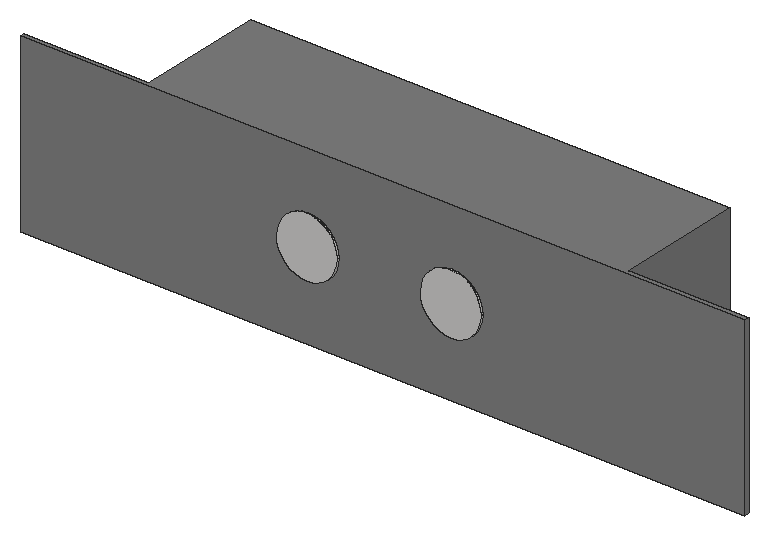
Revit family "S42V", category Generic Models, Revit 2021
Family settings
  Can host rebar = No
  Round Connector Dimension = Use Diameter
  Part Type = Normal
  Work Plane-Based = No
  Always vertical = Yes
  Cut with Voids When Loaded = No
  Shared = No
  Room Calculation Point = No
Parameters
  e-mail = "info@vola.com"
  URL = "http://vola.com"
  Telephone = "+45 7023 5500"
  Quality management standard = "ISO 9001"
  Organisation no. / DUNS no. = "17531328"
  Occupational health and safety management standard = "ISO 18001"
  Mounting Instructions = "http://vola.com/service/producturl.ashx?name=S42V"
  Model = "S42V"
  Materials and components information = "http://vola.com/service/producturl.ashx?name=S42V"
  Manufacturer = "VOLA A/S"
  Maintenance Instructions = "http://vola.com/service/producturl.ashx?name=S42V"
  Guarantee = "2 years"
  Flow = "77,00 l/min"
  Environmental management standard = "ISO 14000"
  Default Elevation = 0.00 mm
  Connection - All relevant connections = "¾\" for water connection"
  Approvals = "http://vola.com/service/producturl.ashx?name=S42V"
Reference planes
  plane 1 "Center (Front/Back)": y = 0
  plane 2: z = 0
  plane 3 "Center (Left/Right)": x = 0
  plane 4 "Front Plane": y = -72.2
  plane 5 "Inlet Center Plane": y = -26
  plane 6: z = 58.5
Forms (mm)
  Extrusion 1, solid, material "Stainless Steel"
    sketch origin (1110.5, -3.5, -10.5) x (-1, 0, 0) y (0, 0, -1)
      loop
        circle (1071.5, -69) r 16.5
    from 68 to 68.7
  Extrusion 2, solid, material "Default"
    sketch origin (0, -1, -10.5) x (1, 0, 0) y (0, 1, 0)
      loop
        line (-127.5, 1) -> (-127.5, -68) -> (132.5, -68) -> (132.5, 1) -> (-127.5, 1)
    from 21.5 to 116.5
  Extrusion 3, solid, material "Default"
    sketch origin (0, -1, -10.5) x (1, 0, 0) y (0, 1, 0)
      loop
        line (-195, -68) -> (-195, -70.5) -> (197.5, -70.5) -> (197.5, -68) -> (-195, -68)
    from 21.5 to 116.5
  Extrusion 4, solid, material "Stainless Steel"
    sketch origin (1032.5, -3.5, -10.5) x (-1, 0, 0) y (0, 0, -1)
      loop
        circle (1071.5, -69) r 16.5
    from 68 to 68.7
  Extrusion 5, solid, material "Stainless Steel"
    sketch origin (0, -1, 11) x (0, 1, 0) y (1, 0, 0)
      loop
        circle (-26.5, -39) r 16.5
      loop
        circle (-26.5, 39) r 16.5
    from 0 to 11
Cuts and joins
  joined: Extrusion 2, Extrusion 3
Lines and regions (mm)
  reference lines
    curve 1: line (39, -26, 58.5) -> (39, -123.5, 58.5)
    curve 2: line (-39, -26, 58.5) -> (-39, -123.5, 58.5)
    curve 3: line (-39, -38, 58.5) -> (-39, -38, 157.5)
    curve 4: line (39, -38, 58.5) -> (39, -38, 157.5)
    curve 5: line (-39, -27.5, 58.5) -> (-39, -27.5, -40.5)
    curve 6: line (39, -27.5, 58.5) -> (39, -27.5, -40.5)
Dimensions and locks
  aligned and locked: plane 2 to level
  aligned and locked: Extrusion 2 to Extrusion 3
  aligned and locked: Extrusion 3 to Extrusion 2
